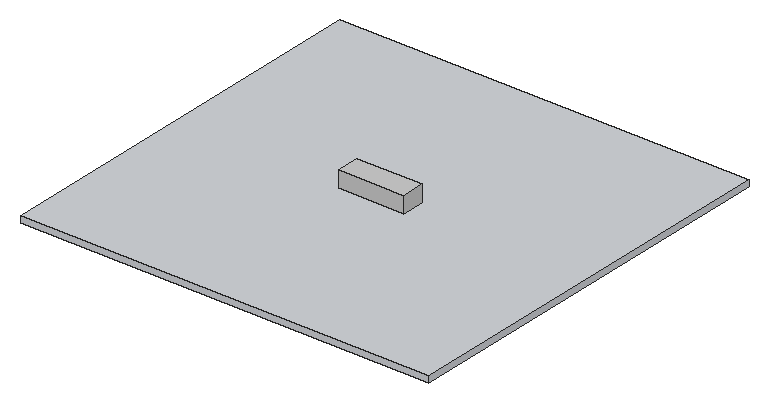
Revit family
Parameters (values of type "Straight Joiner/Feeder")
  URL = "www.lightingservicesinc.com/product.asp?productID=140"
  Suspension Length Note = "Distance from mounting surface to bottom of track"
  Suspension Length [instance] = 0' - 1 7/16"
  Surface Track Suspension Length Note = "Surface Track Suspension Length = 1 7/16\""
  Model Date = "26 March 2010"
  Model = "32X04"
  Mfr. Catalog # = ""
  Manufacturer = "Lighting Services Inc. "
  LSI Track Finish [instance] = LSI Track Finish
  Keynote = "26 55 59"
  Description = "120/250V 2 Ckt Straight Joiner/Feeder"
  Default Elevation = 4' - 0"
  Assembly Code = "D5020200"
Reference planes (in)
  plane 1 "Center (Front/Back)": y = 0
  plane 2: z = 0
  plane 3 "Center (Left/Right)": x = 0
  plane 4: x = -2.59375
  plane 5: x = 2.59375
  plane 6: y = 0.90625
  plane 7: y = -0.90625
  plane 8: z = 0.125
  plane 9: z = 1.4375
Forms (in)
  Extrusion 1, solid
    sketch origin (0, 0, 0) x (1, 0, 0) y (0, 1, 0)
      loop
        line (-16.09375, 16.09375) -> (-16.09375, -15.91751) -> (16.59127, -15.91751) -> (16.59127, 16.09375) -> (-16.09375, 16.09375)
    from 0 to -0.5
  Extrusion 2, solid, material "LSI Track Finish" <- "LSI Track Finish", detail levels medium+fine
    sketch origin (0, 0, 0) x (0, 1, 0) y (0, 0, 1)
      loop
        line (0.90625, 1.4375) -> (-0.90625, 1.4375) -> (-0.90625, 0.125) -> (0.90625, 0.125) -> (0.90625, 1.4375)
    from -2.59375 to 2.59375
Dimensions and locks (in)
  locked: plane 9 to plane 8 at 1.3125
  "Suspension Length": plane 9 to plane 2
  equal spacing: plane 6, plane 1 "Center (Front/Back)", plane 7, locked at 0.90625 each
  locked: plane 6 to plane 7 at 1.8125
  locked: plane 4 to plane 5 at 5.1875
  aligned and locked: plane 2 to Extrusion 1
  aligned and locked: level to Extrusion 1
  aligned and locked: Extrusion 2 sketch curve to plane 6
  aligned and locked: plane 8 to Extrusion 2 sketch curve
  aligned and locked: Extrusion 2 sketch curve to plane 9
  aligned and locked: plane 7 to Extrusion 2 sketch curve
  aligned and locked: Extrusion 2 to plane 4
  aligned and locked: plane 5 to Extrusion 2
  aligned and locked: plane 3 "Center (Left/Right)" to nested 1
  aligned and locked: plane 1 "Center (Front/Back)" to nested 1
Automatic sketch dimensions
  Extrusion 1 sketch curve to Extrusion 1 sketch curve = 2' - 8.68502"
  Extrusion 1 sketch curve to Extrusion 1 sketch curve = 2' - 8.01126"
Nested families (in)
  nested 1: "LSI Straight Joiner Plan View Symbol" at (63.41335, -9.84847, 0), type "Straight"
Connectors (in)
  electrical at (0, 0.90625, 0.78125)
    settings: on Extrusion 2, index 1
  electrical at (0, -0.90625, 0.78125)
    settings: on Extrusion 2, index 2
Definition of nested family "LSI Straight Joiner Plan View Symbol"
  Parameters (values of type "Straight")
    Assembly Code = ""
  Reference planes (in)
    plane 1 "Center (Front/Back)": y = 9.84847
    plane 2: z = 0
    plane 3 "Center (Left/Right)": x = -63.41335
    plane 4: y = 10.75472
    plane 5: y = 8.94222
    plane 6: x = -66.0071
    plane 7: x = -60.8196
  Lines and regions (in)
    detail lines, in view "Ref. Level"
      curve 1: line (-66.0071, 10.75472, 0) -> (-60.8196, 10.75472, 0)
      curve 2: line (-66.0071, 8.94222, 0) -> (-66.0071, 10.75472, 0)
      curve 3: line (-60.8196, 8.94222, 0) -> (-66.0071, 8.94222, 0)
      curve 4: line (-60.8196, 10.75472, 0) -> (-60.8196, 8.94222, 0)
  Dimensions and locks (in)
    locked: plane 4 to plane 5 at 1.8125
    equal spacing: plane 4, plane 1 "Center (Front/Back)", plane 5
    locked: plane 6 to plane 7 at 5.1875
    equal spacing: plane 6, plane 3 "Center (Left/Right)", plane 7
    aligned and locked: curve 1 to plane 4
    aligned and locked: plane 5 to curve 4
    aligned and locked: plane 6 to curve 2
    aligned and locked: curve 4 to plane 7
